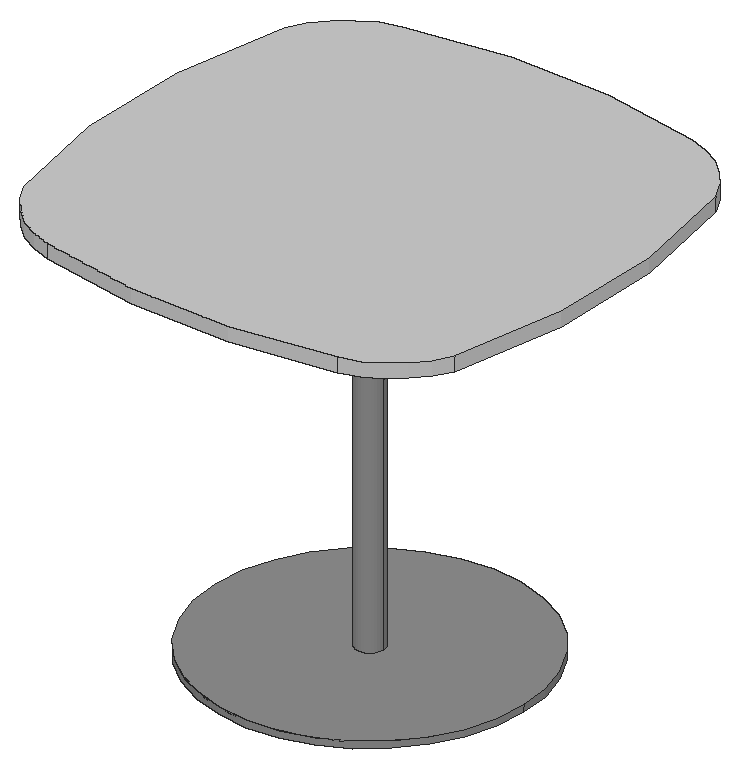
Revit family "Haworth_JiveTable_PebbleSymmetricalDiscBase", category Furniture Systems, Revit 2018
Family settings
  Round Connector Dimension = Use Diameter
  Part Type = Normal
  OmniClass Number = 23.40.70.14.64.21
  OmniClass Title = Systems Furniture
  Work Plane-Based = No
  Always vertical = Yes
  Cut with Voids When Loaded = No
  Shared = No
  Room Calculation Point = No
Parameters (values of type "42d 42w 36h")
  Warranty = "http://www.haworth.com/resources/product-info/warranties"
  URL - Product = "http://www.haworth.com/products/tables/training/jive"
  Table Finish [instance] = Haworth _ Laminate _ Putty H-AA
  Table Edge Finish [instance] = Haworth _ Laminate _ Putty H-AA
  Standard Width = "24, 30, 36, 42 in."  # constant formula
  Standard Height = "29, 36 in."  # constant formula
  One Disk = or(and(Actual Width < 42", Actual Width > 24"), Actual Width = 24", Actual Width = 42")  # yes
  Model = "Haworth Jive"  # constant formula
  Min. Height = 29"  # constant formula
  Max. Height = 36"  # constant formula
  Leg Finish [instance] = Haworth _ Paint _ Graphite
  Height = 36"
  Disc Distance = if(Actual Width < 25", 8 1/2", if(Actual Width < 31", 11", 13 1/2"))  # 13 1/2"
  Description = "Haworth Jive Table Pebble Symmetrical Disc Base - 42d 42w 36h"
  URL = "http://www.haworth.com/"
  Table Thickness = 1 3/16"  # constant formula
  Size = "Verify Final Dim. w/ Haworth"  # constant formula
  Revision Number = "0"  # constant formula
  Standard Depths = "24, 30, 36, 42 in"  # constant formula
  Manufacturer = "Haworth, Inc."  # constant formula
  Leg Height = Actual Height - Table Thickness  # 34 13/16"
  Custom Size = not(or(Height = 36", Height = 29"))  # no
  Base Distance = 0"  # constant formula
  Author = "SHAPE Environments, LLC"  # constant formula
  Assembly Code = "E2020200"
  Actual Width = if([30in x 30in], 30", if([36in x 36in], 36", if([42in x 42in], 42", 24")))  # 42"
  Actual Height = if(Height > Max. Height, Max. Height, if(Height < Min. Height, Min. Height, Height))  # 36"
  Actual Depth = if([30in x 30in], 30", if([36in x 36in], 36", if([42in x 42in], 42", 24")))  # 42"
  42in x 42in = yes
  36in x 36in = no
  30in x 30in = no
  24in x 24in = not(or([30in x 30in], [36in x 36in], [42in x 42in]))  # no
Types (7): name | Height | Disc Distance | Description | Leg Height | Actual Width | Actual Height | Actual Depth | 42in x 42in | 36in x 36in | 30in x 30in | 24in x 24in
  24d 24w 29h | 29" | 8 1/2" | "Haworth Jive Table Pebble Symmetrical Disc Base - 24d 24w 29h" | 27 13/16" | 24" | 29" | 24" | no | no | no | yes
  30d 30w 29h | 29" | 11" | "Haworth Jive Table Pebble Symmetrical Disc Base - 30d 30w 29h" | 27 13/16" | 30" | 29" | 30" | no | no | yes | no
  36d 36w 29h | 29" | 13 1/2" | "Haworth Jive Table Pebble Symmetrical Disc Base - 36d 36w 29h" | 27 13/16" | 36" | 29" | 36" | no | yes | no | no
  42d 42w 29h | 29" | 13 1/2" | "Haworth Jive Table Pebble Symmetrical Disc Base - 42d 42w 29h" | 27 13/16" | 42" | 29" | 42" | yes | no | no | no
  30d 30w 36h | 36" | 11" | "Haworth Jive Table Pebble Symmetrical Disc Base - 30d 30w 36h" | 34 13/16" | 30" | 36" | 30" | no | no | yes | no
  36d 36w 36h | 36" | 13 1/2" | "Haworth Jive Table Pebble Symmetrical Disc Base - 36d 36w 36h" | 34 13/16" | 36" | 36" | 36" | no | yes | no | no
  42d 42w 36h | 36" | 13 1/2" | "Haworth Jive Table Pebble Symmetrical Disc Base - 42d 42w 36h" | 34 13/16" | 42" | 36" | 42" | yes | no | no | no
Reference planes (in)
  plane 1 "Center F/B": y = 0
  plane 2: z = 0
  plane 3 "Center L/R": x = 0
  plane 4 "Top": z = 36
  plane 5 "Top Bottom": z = 34.8125
  plane 6: x = 21
  plane 7: y = 21
  plane 8: x = -21
  plane 9: y = -21
Dimensions and locks (in)
  "Actual Height": plane 4 "Top" to level
  "Table Thickness": plane 4 "Top" to plane 5 "Top Bottom"
  "Actual Width": plane 8 to plane 6
  equal spacing: plane 8, plane 3 "Center L/R", plane 6
  equal spacing: plane 7, plane 1 "Center F/B", plane 9
  "Actual Depth": plane 7 to plane 9
  aligned and locked: plane 3 "Center L/R" to nested 1
  aligned and locked: plane 1 "Center F/B" to nested 1
  aligned and locked: nested 1 to plane 2
  aligned and locked: plane 3 "Center L/R" to nested 2
  aligned and locked: plane 1 "Center F/B" to nested 2
  aligned and locked: nested 2 to plane 5 "Top Bottom"
Nested families (in)
  nested 1: "JiveDiscBase" at (-6.31284, -5.5, 0), type "Base"
    with Two Disc no, Table Width 42", One Disk yes, Leg Height 34 13/16", Base Distance 0"
  nested 2: "Pebble Symmetrical Disc Top" at (0, 0, 34.8125), type "Pebble Symmetrical Disc Top"
    with 30in x 30in no, 42in x 42in yes
Definition of nested family "JiveDiscBase"
  Parameters (values of type "Base")
    Warranty = ""
    URL - Product = ""
    URL = "www.haworth.com"
    Two Disc = yes
    Table Width = 72"
    One Disk = no
    OmniClass Number = ""
    Material Options = ""
    Leg Height = 27 13/16"
    Disc Radius = 13 1/2"
    Base Finish = none
    Size = "Verify Final Dim. w/ Haworth"  # constant formula
    Revision Number = "1"
    Manufacturer = "Haworth"  # constant formula
    Base Distance = 72"
    Author = "SHAPE Environments, LLC"  # constant formula
    Assembly Code = ""
  Reference planes (in)
    plane 1 "Center F/B": y = 5.5
    plane 2: z = 0
    plane 3 "Center L/R": x = 6.31284
    plane 4 "Leg Top": z = 27.8125
    plane 5: z = 27.6775
    plane 6 "table top": z = 29.3125
    plane 7: x = 42.31284
    plane 8: x = -29.68716
  Forms (in)
    Extrusion 1, solid, material <- "Base Finish"
      sketch origin (41, 0, 0) x (1, 0, 0) y (0, 1, 0)
        loop
          circle (1.31284, 5.5) r 13.5
      from 0 to 0.565
    Extrusion 2, solid, material <- "Base Finish"
      sketch origin (41, 0, 0) x (1, 0, 0) y (0, 1, 0)
        loop
          circle (1.31284, 5.5) r 1.181
      from 0.565 to 27.6775
    Extrusion 3, solid, material <- "Base Finish", detail levels fine
      sketch origin (33.5, -0.00018, 0) x (1, 0, 0) y (0, 1, 0)
        loop
          line (0.32764, 5.50018) -> (8.81284, -2.985) -> (17.29805, 5.50018) -> (8.81284, 13.98537) -> (0.32764, 5.50018)
      from 27.6775 to 27.8125
    Extrusion 4, solid, material <- "Base Finish", visible <- "Two Disc"
      sketch origin (-25, 0, 0) x (1, 0, 0) y (0, 1, 0)
        loop
          circle (-4.68716, 5.5) r 13.5
      from 0 to 0.565
    Extrusion 5, solid, material <- "Base Finish", visible <- "Two Disc"
      sketch origin (-25, 0, 0) x (1, 0, 0) y (0, 1, 0)
        loop
          circle (-4.68716, 5.5) r 1.181
      from 0.565 to 27.6775
    Extrusion 6, solid, material <- "Base Finish", visible <- "Two Disc", detail levels fine
      sketch origin (-37.5, -0.00018, 0) x (1, 0, 0) y (0, 1, 0)
        loop
          line (-0.67236, 5.50018) -> (7.81284, -2.985) -> (16.29805, 5.50018) -> (7.81284, 13.98537) -> (-0.67236, 5.50018)
      from 27.6775 to 27.8125
  Lines and regions (in)
    symbolic lines, detail levels medium+fine
      curve 1: circle (42.31284, 5.5, 29.3125) r 13.5 normal (0, 0, 1)
      curve 3: line (-38.17236, 5.5, 29.3125) -> (-29.68716, -2.98519, 29.3125)
      curve 4: line (-29.68716, -2.98519, 29.3125) -> (-21.20195, 5.5, 29.3125)
      curve 5: line (-21.20195, 5.5, 29.3125) -> (-29.68716, 13.98519, 29.3125)
      curve 6: line (-29.68716, 13.98519, 29.3125) -> (-38.17236, 5.5, 29.3125)
    symbolic lines, visible <- "Two Disc", detail levels medium+fine
      curve 2: circle (-29.68716, 5.5, 29.3125) r 13.5 normal (0, 0, 1)
      curve 7: line (33.82764, 5.5, 29.3125) -> (42.31284, -2.98519, 29.3125)
      curve 8: line (42.31284, -2.98519, 29.3125) -> (50.79805, 5.5, 29.3125)
      curve 9: line (50.79805, 5.5, 29.3125) -> (42.31284, 13.98519, 29.3125)
      curve 10: line (42.31284, 13.98519, 29.3125) -> (33.82764, 5.5, 29.3125)
  Dimensions and locks (in)
    "Leg Height": plane 4 "Leg Top" to level
    locked: plane 4 "Leg Top" to plane 5 at 0.135
    locked: plane 6 "table top" to plane 4 "Leg Top" at 1.5
    equal spacing: plane 8, plane 3 "Center L/R", plane 7
    "Base Distance": plane 8 to plane 7
    "Disc Radius": radius of Extrusion 4 sketch curve
    "Disc Radius": radius of Extrusion 1 sketch curve
    aligned and locked: plane 7 to Extrusion 1 sketch curve
    aligned and locked: plane 7 to Extrusion 3
    aligned and locked: plane 1 "Center F/B" to Extrusion 3
    aligned and locked: plane 7 to Extrusion 2 sketch curve
    aligned and locked: curve 1 to Extrusion 1
    aligned and locked: plane 1 "Center F/B" to Extrusion 2 sketch curve
    aligned and locked: curve 2 to Extrusion 4
    aligned and locked: plane 1 "Center F/B" to Extrusion 4 sketch curve
    aligned and locked: plane 8 to Extrusion 4 sketch curve
    aligned and locked: plane 8 to Extrusion 5 sketch curve
    aligned and locked: plane 1 "Center F/B" to Extrusion 5 sketch curve
    aligned and locked: plane 8 to Extrusion 6
    aligned and locked: plane 1 "Center F/B" to Extrusion 6
    aligned and locked: plane 4 "Leg Top" to Extrusion 6
    aligned and locked: Extrusion 6 to plane 5
    aligned and locked: plane 5 to Extrusion 5
    aligned and locked: plane 4 "Leg Top" to Extrusion 3
    aligned and locked: Extrusion 3 to plane 5
    aligned and locked: plane 5 to Extrusion 2
    aligned and locked: curve 6 to Extrusion 6
    aligned and locked: curve 3 to Extrusion 6
    aligned and locked: curve 4 to Extrusion 6
    aligned and locked: curve 5 to Extrusion 6
    aligned and locked: Extrusion 3 to curve 10
    aligned and locked: curve 8 to Extrusion 3
    aligned and locked: curve 9 to Extrusion 3
    aligned and locked: curve 7 to Extrusion 3
  Automatic sketch dimensions
    plane 1 "Center F/B" to Extrusion 3 sketch curve = 0"  (x2)
    Extrusion 3 sketch curve to plane 7 = 0"  (x2)
    Extrusion 3 sketch curve to plane 7 = 8.4852"
    plane 7 to Extrusion 3 sketch curve = 8.48521"
    plane 1 "Center F/B" to Extrusion 3 sketch curve = 8.48519"
    Extrusion 3 sketch curve to plane 1 "Center F/B" = 8.48519"
    plane 1 "Center F/B" to Extrusion 6 sketch curve = 0"  (x2)
    Extrusion 6 sketch curve to plane 8 = 8.4852"
    plane 8 to Extrusion 6 sketch curve = 0"  (x2)
    Extrusion 6 sketch curve to Extrusion 6 sketch curve = 8.48521"
    plane 1 "Center F/B" to Extrusion 6 sketch curve = 8.48519"
    Extrusion 6 sketch curve to plane 1 "Center F/B" = 8.48519"
    plane 1 "Center F/B" to Extrusion 1 sketch curve = 0"
    radius of Extrusion 2 sketch curve = 1.181"
    radius of Extrusion 5 sketch curve = 1.181"
Definition of nested family "Pebble Symmetrical Disc Top"
  Parameters (values of type "Pebble Symmetrical Disc Top")
    Warranty = "http://haworthcollection.com/hc/about-us/certifications-warranties"
    Version = "1"  # constant formula
    URL Product = ""
    URL = "http://haworthcollection.com/"
    Table Finish = none
    Table Edge Finish = none
    Sustainability Info = "http://www.haworth.com/bottom-nav/company-info/sustainability"
    Size = "Verify Final Dim. w/ Haworth"  # constant formula
    Manufacturer = "Haworth"  # constant formula
    Author = "SHAPE Environments, LLC"  # constant formula
    Assembly Code = "E2020200"
    30in x 30in = yes
    36in x 36in = no
    24in x 24in = no
    42in x 42in = no
  Reference planes (in)
    plane 1 "Center Front/Back": y = 0
    plane 2: z = 0
    plane 3 "Center Left/Right": x = 0
    plane 4 "Top": z = 1.1875
  Forms (in)
    Extrusion 1, solid, material <- "Table Finish", visible <- "24in x 24in"
      sketch origin (-149.98047, -149.99999, 0) x (1, 0, 0) y (0, 1, 0)
        loop
          line (138.15799, 152.55218) -> (138.15799, 147.40797)
          arc (138.15799, 147.40797) -> (140.86725, 140.86724) -> (147.40799, 138.15797) r 9.25
          line (147.40799, 138.15797) -> (152.55295, 138.15797)
          arc (152.55295, 138.15797) -> (159.12131, 140.87868) -> (161.84201, 147.44704) r 9.28906
          line (161.84201, 147.44704) -> (161.84201, 152.55294)
          arc (161.84201, 152.55294) -> (159.12131, 159.1213) -> (152.55295, 161.842) r 9.28906
          line (152.55295, 161.842) -> (147.44781, 161.842)
          arc (147.44781, 161.842) -> (140.87891, 159.12108) -> (138.15799, 152.55218) r 9.28982
      from 0 to 1.1875
    Extrusion 2, solid, material <- "Table Finish", visible <- "30in x 30in"
      sketch origin (-150.00659, -149.99998, 0) x (1, 0, 0) y (0, 1, 0)
        loop
          arc (135.55584, 156.58675) -> (135.16, 149.99999) -> (135.55584, 143.41323) r 54.99977
          arc (135.55584, 143.41323) -> (136.03949, 141.41814) -> (136.97542, 139.59103) r 8.73483
          arc (136.97542, 139.59103) -> (138.12714, 138.12708) -> (139.59109, 136.97538) r 7.8574
          arc (139.59109, 136.97538) -> (141.41818, 136.03947) -> (143.41324, 135.55583) r 8.73481
          arc (143.41324, 135.55583) -> (150.00659, 135.15999) -> (156.59985, 135.55741) r 54.99977
          arc (156.59985, 135.55741) -> (158.58802, 136.04176) -> (160.40894, 136.97539) r 8.73483
          arc (160.40894, 136.97539) -> (161.87288, 138.1271) -> (163.02459, 139.59105) r 7.8574
          arc (163.02459, 139.59105) -> (163.96051, 141.41814) -> (164.44415, 143.4132) r 8.73481
          arc (164.44415, 143.4132) -> (164.84, 149.99999) -> (164.44416, 156.58675) r 54.99977
          arc (164.44416, 156.58675) -> (163.96051, 158.58184) -> (163.02459, 160.40892) r 8.73481
          arc (163.02459, 160.40892) -> (161.87288, 161.87287) -> (160.40894, 163.02459) r 7.8574
          arc (160.40894, 163.02459) -> (158.58802, 163.95821) -> (156.59985, 164.44257) r 8.73483
          arc (156.59985, 164.44257) -> (150.00659, 164.83999) -> (143.41324, 164.44415) r 54.99977
          arc (143.41324, 164.44415) -> (141.41818, 163.96051) -> (139.59109, 163.0246) r 8.73481
          arc (139.59109, 163.0246) -> (138.12714, 161.87289) -> (136.97542, 160.40895) r 7.8574
          arc (136.97542, 160.40895) -> (136.03949, 158.58184) -> (135.55584, 156.58675) r 8.73483
      from 0 to 1.1875
    Extrusion 3, solid, material <- "Table Finish", visible <- "36in x 36in"
      sketch origin (-149.99993, -149.99999, 0) x (1, 0, 0) y (0, 1, 0)
        loop
          arc (138.01496, 166.43981) -> (135.15562, 164.84426) -> (133.56007, 161.98491) r 5.99888
          arc (133.56007, 161.98491) -> (132.16003, 149.99999) -> (133.5599, 138.01502) r 52.00467
          arc (133.5599, 138.01502) -> (135.15562, 135.15572) -> (138.01496, 133.56016) r 5.99888
          arc (138.01496, 133.56016) -> (149.99993, 132.16002) -> (161.98496, 133.55989) r 52.00467
          arc (161.98496, 133.55989) -> (164.84427, 135.15561) -> (166.43982, 138.01495) r 5.99888
          arc (166.43982, 138.01495) -> (167.83997, 149.99999) -> (166.44007, 161.98509) r 52.00467
          arc (166.44007, 161.98509) -> (164.84427, 164.84437) -> (161.98492, 166.43992) r 5.99888
          arc (161.98492, 166.43992) -> (149.99993, 167.83995) -> (138.01496, 166.43981) r 52.00467
      from 0 to 1.1875
    Extrusion 4, solid, material <- "Table Finish", visible <- "42in x 42in"
      sketch origin (-150, -149.99999, 0) x (1, 0, 0) y (0, 1, 0)
        loop
          arc (137.32411, 169.35936) -> (133.64692, 167.52422) -> (131.169, 164.24559) r 8.99972
          arc (131.169, 164.24559) -> (129.16, 149.99999) -> (131.169, 135.75438) r 51.51156
          arc (131.169, 135.75438) -> (133.64692, 132.47576) -> (137.32411, 130.64061) r 8.99972
          arc (137.32411, 130.64061) -> (150, 129.1601) -> (162.67589, 130.64061) r 55.00452
          arc (162.67589, 130.64061) -> (166.35308, 132.47576) -> (168.831, 135.75438) r 8.99972
          arc (168.831, 135.75438) -> (170.84, 149.99999) -> (168.831, 164.24559) r 51.51156
          arc (168.831, 164.24559) -> (166.35308, 167.52422) -> (162.67589, 169.35936) r 8.99972
          arc (162.67589, 169.35936) -> (150, 170.83988) -> (137.32411, 169.35936) r 55.00452
      from 0 to 1.1875
  Lines and regions (in)
    Masking region 1, visible <- "42in x 42in"
      outline origin (-101.3531, -118.47671, 1.1875) x (0, -1, 0) y (1, 0, 0)
        loop
          arc (-132.72232, 120.1841) -> (-136.00094, 117.70618) -> (-137.83609, 114.02899) r 8.99972
          arc (-137.83609, 114.02899) -> (-139.3166, 101.3531) -> (-137.83609, 88.67721) r 55.00452
          arc (-137.83609, 88.67721) -> (-136.00094, 85.00002) -> (-132.72232, 82.5221) r 8.99972
          arc (-132.72232, 82.5221) -> (-118.47671, 80.5131) -> (-104.23111, 82.5221) r 51.51156
          arc (-104.23111, 82.5221) -> (-100.95248, 85.00002) -> (-99.11734, 88.67721) r 8.99972
          arc (-99.11734, 88.67721) -> (-97.63682, 101.3531) -> (-99.11734, 114.02899) r 55.00452
          arc (-99.11734, 114.02899) -> (-100.95248, 117.70618) -> (-104.23111, 120.1841) r 8.99972
          arc (-104.23111, 120.1841) -> (-118.47671, 122.1931) -> (-132.72232, 120.1841) r 51.51156
    Masking region 2, visible <- "36in x 36in"
      outline origin (-56.0982, -115.73155, 1.1875) x (0, -1, 0) y (1, 0, 0)
        loop
          arc (-127.71659, 72.53809) -> (-130.57593, 70.94254) -> (-132.17148, 68.08319) r 5.99888
          arc (-132.17148, 68.08319) -> (-133.57151, 56.0982) -> (-132.17162, 44.11317) r 52.00467
          arc (-132.17162, 44.11317) -> (-130.57582, 41.25389) -> (-127.71647, 39.65834) r 5.99888
          arc (-127.71647, 39.65834) -> (-115.73155, 38.2583) -> (-103.74658, 39.65817) r 52.00467
          arc (-103.74658, 39.65817) -> (-100.88728, 41.25389) -> (-99.29172, 44.11323) r 5.99888
          arc (-99.29172, 44.11323) -> (-97.89158, 56.0982) -> (-99.29145, 68.08323) r 52.00467
          arc (-99.29145, 68.08323) -> (-100.88716, 70.94254) -> (-103.7465, 72.53809) r 5.99888
          arc (-103.7465, 72.53809) -> (-115.73155, 73.93823) -> (-127.71659, 72.53809) r 52.00467
    Masking region 3, visible <- "30in x 30in"
      outline origin (-15.5045, -107.79928, 1.1875) x (0, -1, 0) y (1, 0, 0)
        loop
          arc (-120.82389, 25.90685) -> (-121.75752, 24.08593) -> (-122.24187, 22.09776) r 8.73483
          arc (-122.24187, 22.09776) -> (-122.63929, 15.5045) -> (-122.24345, 8.91115) r 54.99977
          arc (-122.24345, 8.91115) -> (-121.75981, 6.91609) -> (-120.8239, 5.089) r 8.73481
          arc (-120.8239, 5.089) -> (-119.6722, 3.62505) -> (-118.20825, 2.47333) r 7.8574
          arc (-118.20825, 2.47333) -> (-116.38114, 1.5374) -> (-114.38605, 1.05375) r 8.73483
          arc (-114.38605, 1.05375) -> (-107.79929, 0.65791) -> (-101.21253, 1.05375) r 54.99977
          arc (-101.21253, 1.05375) -> (-99.21744, 1.5374) -> (-97.39033, 2.47333) r 8.73483
          arc (-97.39033, 2.47333) -> (-95.92638, 3.62505) -> (-94.77468, 5.089) r 7.8574
          arc (-94.77468, 5.089) -> (-93.83877, 6.91609) -> (-93.35513, 8.91115) r 8.73481
          arc (-93.35513, 8.91115) -> (-92.95929, 15.5045) -> (-93.35671, 22.09776) r 54.99977
          arc (-93.35671, 22.09776) -> (-93.84106, 24.08593) -> (-94.77469, 25.90685) r 8.73483
          arc (-94.77469, 25.90685) -> (-95.92641, 27.3708) -> (-97.39036, 28.52251) r 7.8574
          arc (-97.39036, 28.52251) -> (-99.21744, 29.45842) -> (-101.2125, 29.94206) r 8.73481
          arc (-101.2125, 29.94206) -> (-107.79928, 30.33791) -> (-114.38605, 29.94207) r 54.99977
          arc (-114.38605, 29.94207) -> (-116.38113, 29.45842) -> (-118.20822, 28.52251) r 8.73481
          arc (-118.20822, 28.52251) -> (-119.67217, 27.3708) -> (-120.82389, 25.90685) r 7.8574
    Masking region 4, visible <- "24in x 24in"
      outline origin (13.67802, -94.57875, 1.1875) x (0, -1, 0) y (1, 0, 0)
        loop
          arc (-97.1317, -1.81647) -> (-103.70006, -4.53717) -> (-106.42077, -11.10553) r 9.28906
          line (-106.42077, -11.10553) -> (-106.42077, -16.21067)
          arc (-106.42077, -16.21067) -> (-103.69984, -22.77957) -> (-97.13094, -25.5005) r 9.28982
          line (-97.13094, -25.5005) -> (-91.98674, -25.5005)
          arc (-91.98674, -25.5005) -> (-85.446, -22.79124) -> (-82.73674, -16.2505) r 9.25
          line (-82.73674, -16.2505) -> (-82.73674, -11.10553)
          arc (-82.73674, -11.10553) -> (-85.45744, -4.53717) -> (-92.0258, -1.81647) r 9.28906
          line (-92.0258, -1.81647) -> (-97.1317, -1.81647)
  Dimensions and locks (in)
    aligned and locked: level to plane 2
